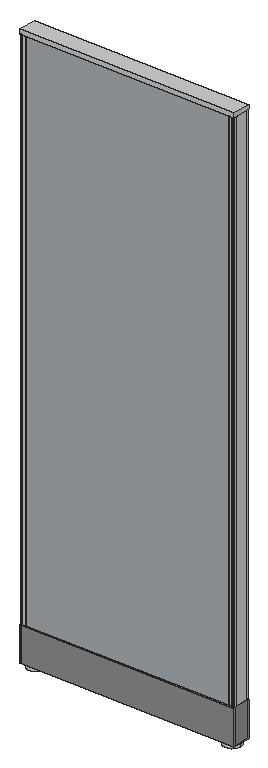
Revit family "Haworth_UniGroupToo_Panel_Solid", category Furniture Systems, Revit 2018
Family settings
  Round Connector Dimension = Use Diameter
  Part Type = Normal
  OmniClass Number = 23.40.70.14.64.21
  OmniClass Title = Systems Furniture
  Work Plane-Based = No
  Always vertical = Yes
  Cut with Voids When Loaded = No
  Shared = No
  Room Calculation Point = No
Parameters (values of type "24w 64h")
  Width = 24"
  Warranty = "http://www.haworth.com/resources/product-info/warranties"
  URL - Product = "http://www.haworth.com/products/workspaces/panel-based/unigroup-too"
  URL = "www.haworth.com"
  Trim Finish = Haworth _ Metal _ Brushed Aluminum
  Trim Depth = 2"  # constant formula
  Top Trim Height = 1/2"  # constant formula
  Top Trim [instance] = yes
  Sustainability Info = "http://www.haworth.com/company-info/sustainability"
  Size = "Verify Final Dim. w/ Haworth"  # constant formula
  Revision Number = "2"  # constant formula
  Rail Height = Actual Height - 1/2"  # 63 1/2"
  Raceway Panel Width = Actual Width  # 24"
  Raceway Panel Height = 4"  # constant formula
  Raceway Finish = Haworth _ Paint _ Graphite
  Panel Height = Actual Height - Top Trim Height - Glide Height - Raceway Panel Height  # 59 1/8"
  Offset Front = 4 3/8"  # constant formula
  Model = "Haworth - UniGroup Too - Panel - Solid"  # constant formula
  Glide Height = 3/8"  # constant formula
  Front Panel 1 Finish [instance] = Haworth _ Fabric _ Striae _ Band C1-AM
  End Cap Right [instance] = yes
  End Cap Left [instance] = yes
  Description = "Haworth - UniGroup Too - Panel - Solid"  # constant formula
  Custom Size = not(and(or(Width = 24", Width = 30", Width = 36", Width = 42", Width = 48", Width = 60"), or(Height = 32", Height = 40", Height = 48", Height = 56", Height = 64", Height = 72", Height = 80")))  # no
  Panel Depth = 1/2"  # constant formula
  Back Panel 1 Finish [instance] = Haworth _ Fabric _ Striae _ Band C1-AM
  Actual Width = if(Width < Min. Width, Min. Width, if(Width > Max. Width, Max. Width, Width))  # 24"
  Actual Height = if(Height < Min. Height, Min. Height, if(Height > Max. Height, Max. Height, Height))  # 64"
  Standard Widths = "24, 30, 36, 42, 48, 60 inches"  # constant formula
  Standard Heights = "32, 40, 48, 56, 64, 72, 80 inches"  # constant formula
  Min. Width = 24"  # constant formula
  Max. Width = 60"  # constant formula
  Min. Height = 32"  # constant formula
  Max. Height = 80"  # constant formula
  Manufacturer = "Haworth"  # constant formula
  Height = 64"
  Bottom Trim Width = 3/8"  # constant formula
  Author = "Haworth (Hampton)"  # constant formula
  Assembly Code = "E2020500"
Reference planes (in)
  plane 1 "Center F/B": y = 0
  plane 2: z = 0.375
  plane 3 "Center L/R": x = 0.09607
  plane 4 "Left": x = -11.90393
  plane 5 "Right": x = 12.09607
  plane 6 "Front": y = -1
  plane 7 "Back": y = 1
  plane 8 "Raceway Top Back": z = 4.375
  plane 9 "Top of Panel": z = 63.5
  plane 10 "Top": z = 64
  plane 11 "Raceway Inside Left": y = -0.845
  plane 12 "Raceway Inside Right": y = 0.845
  plane 13 "Raceway Fillet Top": z = 4.22
  plane 14 "Raceway Fillet Left": y = -0.845
  plane 15 "Raceway Fillet Right": y = 0.845
  plane 16 "Side Rail Left": x = -11.27893
  plane 17 "Side Rail Right": x = 11.47107
  plane 18 "End Cap Left": x = -11.84143
  plane 19 "End Cap Right": x = 12.03357
  plane 20: through (480, -0.845, 4.375) normal (0, 0.7071, -0.7071)
  plane 21: through (480, -0.845, 4.31641) normal (0, 0.7071, -0.7071)
  plane 22: through (480, 0.845, 4.375) normal (0, 0.7071, 0.7071)
  plane 23: through (480, 0.845, 4.31641) normal (0, 0.7071, 0.7071)
  plane 24: z = 4.31641
  plane 25: y = 0.94141
  plane 26: y = -0.94141
  plane 27: z = 0.43359
Forms (in)
  Extrusion 1, solid, material "Haworth _ Paint _ Graphite" <- "Raceway Finish"
    sketch origin (12.09607, 0, 0) x (0, 1, 0) y (0, 0, 1)
      loop
        line (-1, 0.375) -> (1, 0.375) -> (1, 4.22) -> (0.845, 4.375) -> (0.845, 4.31641) -> (0.94141, 4.22) -> (0.94141, 0.43359) -> (-0.94141, 0.43359) -> (-0.94141, 4.22) -> (-0.845, 4.31641) -> (-0.845, 4.375) -> (-1, 4.22) -> (-1, 0.375)
    from -24 to 0
  Extrusion 2, solid, material "Haworth _ Metal _ Brushed Aluminum" <- "Trim Finish", visible <- "Top Trim"
    sketch origin (0.09607, 0, 0) x (0, 1, 0) y (0, 0, 1)
      loop
        line (-1, 64) -> (-1, 63.5) -> (1, 63.5) -> (1, 64) -> (-1, 64)
    from -12 to 12
  Extrusion 3, solid, material "Haworth _ Paint _ Graphite" <- "Raceway Finish", visible <- "End Cap Left"
    sketch origin (0.09607, 0, 0) x (0, 1, 0) y (0, 0, 1)
      loop
        line (-0.94141, 4.22) -> (-0.94141, 0.43359) -> (0.94141, 0.43359) -> (0.94141, 4.22) -> (0.845, 4.31641) -> (-0.845, 4.31641) -> (-0.94141, 4.22)
    from -12 to -11.9375
  Extrusion 4, solid, material "Haworth _ Paint _ Graphite" <- "Raceway Finish", visible <- "End Cap Right"
    sketch origin (0.09607, 0, 0) x (0, 1, 0) y (0, 0, -1)
      loop
        line (-0.94141, -4.22) -> (-0.845, -4.31641) -> (0.845, -4.31641) -> (0.94141, -4.22) -> (0.94141, -0.43359) -> (-0.94141, -0.43359) -> (-0.94141, -4.22)
    from -12 to -11.9375
Lines and regions (in)
  Masking region 1
    outline origin (0, 0, 0) x (1, 0, 0) y (0, 1, 0)
      loop
        line (-11.90393, 1) -> (-11.90393, -1) -> (12.09607, -1) -> (12.09607, 1) -> (-11.90393, 1)
Dimensions and locks (in)
  equal spacing: plane 4 "Left", plane 3 "Center L/R", plane 5 "Right"
  "Actual Width": plane 4 "Left" to plane 5 "Right"
  "Actual Height": plane 10 "Top" to level
  equal spacing: plane 7 "Back", plane 1 "Center F/B", plane 6 "Front"
  "Trim Depth": plane 7 "Back" to plane 6 "Front"
  locked: plane 4 "Left" to nested 2 at 1
  locked: nested 1 to plane 5 "Right" at 1
  "Raceway Panel Height": plane 8 "Raceway Top Back" to plane 2
  "Glide Height": plane 2 to level
  locked: plane 16 "Side Rail Left" to plane 4 "Left" at 0.625
  locked: plane 5 "Right" to plane 17 "Side Rail Right" at 0.625
  "Top Trim Height": plane 10 "Top" to plane 9 "Top of Panel"
  locked: plane 5 "Right" to plane 19 "End Cap Right" at 0.0625
  locked: plane 18 "End Cap Left" to plane 4 "Left" at 0.0625
  locked: plane 21 to plane 20 at 0.04143
  locked: plane 22 to plane 23 at 0.04143
  aligned and locked: plane 2 to Extrusion 1 sketch curve
  aligned and locked: Extrusion 1 sketch curve to plane 7 "Back"
  aligned and locked: Extrusion 1 to plane 4 "Left"
  aligned and locked: plane 5 "Right" to Extrusion 1
  aligned and locked: plane 5 "Right" to nested 3
  aligned and locked: nested 3 to plane 1 "Center F/B"
  aligned and locked: plane 4 "Left" to nested 4
  aligned and locked: plane 1 "Center F/B" to nested 4
  aligned and locked: plane 11 "Raceway Inside Left" to Extrusion 1
  aligned and locked: plane 12 "Raceway Inside Right" to Extrusion 1
  aligned and locked: plane 6 "Front" to Extrusion 2 sketch curve
  aligned and locked: Extrusion 2 sketch curve to plane 7 "Back"
  aligned and locked: Extrusion 2 sketch curve to plane 10 "Top"
  aligned and locked: plane 9 "Top of Panel" to Extrusion 2 sketch curve
  aligned and locked: plane 5 "Right" to Extrusion 2
  aligned and locked: Extrusion 2 to plane 4 "Left"
  aligned and locked: plane 6 "Front" to nested 5
  aligned and locked: plane 3 "Center L/R" to nested 5
  aligned and locked: nested 6 to plane 7 "Back"
  aligned and locked: nested 6 to plane 3 "Center L/R"
  aligned and locked: nested 5 to plane 8 "Raceway Top Back"
  aligned and locked: plane 9 "Top of Panel" to nested 6
  aligned and locked: Extrusion 3 to plane 4 "Left"
  aligned and locked: Extrusion 3 to plane 18 "End Cap Left"
  aligned and locked: plane 5 "Right" to Extrusion 4
  aligned and locked: Extrusion 4 to plane 19 "End Cap Right"
  aligned and locked: plane 22 to Extrusion 1
  aligned and locked: Extrusion 1 to Extrusion 3
  aligned and locked: plane 25 to Extrusion 4
  aligned and locked: plane 25 to Extrusion 3
  aligned and locked: Extrusion 1 to plane 25
  aligned and locked: Extrusion 3 to plane 27
  aligned and locked: Extrusion 4 to plane 27
  aligned and locked: plane 27 to Extrusion 1
  aligned and locked: Extrusion 1 to plane 6 "Front"
  aligned and locked: Extrusion 3 to plane 26
  aligned and locked: Extrusion 4 to plane 26
  aligned and locked: plane 26 to Extrusion 1
  aligned and locked: Extrusion 1 to plane 20
  aligned and locked: Extrusion 3 to plane 21
  aligned and locked: Extrusion 4 to plane 21
  aligned and locked: plane 21 to Extrusion 1
  aligned and locked: Extrusion 1 to plane 23
  aligned and locked: plane 23 to Extrusion 4
  aligned and locked: plane 24 to Extrusion 3
  aligned and locked: plane 24 to Extrusion 4
Automatic sketch dimensions
  Masking region 1 sketch curve to plane 4 "Left" = 0"
  Masking region 1 sketch curve to plane 5 "Right" = 0"
  Masking region 1 sketch curve to plane 6 "Front" = 0"
  Masking region 1 sketch curve to plane 7 "Back" = 0"
  Extrusion 1 sketch curve to plane 6 "Front" = 0"
  Extrusion 1 sketch curve to plane 13 "Raceway Fillet Top" = 0"  (x3)
  Extrusion 1 sketch curve to plane 11 "Raceway Inside Left" = 0"
  Extrusion 1 sketch curve to plane 12 "Raceway Inside Right" = 0"
  plane 13 "Raceway Fillet Top" to Extrusion 1 sketch curve = 0"
  Extrusion 1 sketch curve to plane 8 "Raceway Top Back" = 0"  (x2)
  plane 6 "Front" to Extrusion 1 sketch curve = 15/256"
  Extrusion 1 sketch curve to plane 7 "Back" = 15/256"
  plane 2 to Extrusion 1 sketch curve = 15/256"
  Extrusion 1 sketch curve to plane 8 "Raceway Top Back" = 15/256"  (x2)
  Extrusion 3 sketch curve to plane 11 "Raceway Inside Left" = 0"
  Extrusion 3 sketch curve to plane 12 "Raceway Inside Right" = 0"
  plane 6 "Front" to Extrusion 3 sketch curve = 15/256"
  Extrusion 3 sketch curve to plane 7 "Back" = 15/256"
  plane 2 to Extrusion 3 sketch curve = 15/256"
  Extrusion 3 sketch curve to plane 8 "Raceway Top Back" = 0.155"  (x2)
  Extrusion 3 sketch curve to plane 8 "Raceway Top Back" = 15/256"
  Extrusion 4 sketch curve to plane 11 "Raceway Inside Left" = 0"
  Extrusion 4 sketch curve to plane 12 "Raceway Inside Right" = 0"
  plane 6 "Front" to Extrusion 4 sketch curve = 15/256"
  Extrusion 4 sketch curve to plane 7 "Back" = 15/256"
  Extrusion 4 sketch curve to plane 8 "Raceway Top Back" = 15/256"
  Extrusion 4 sketch curve to Extrusion 4 sketch curve = 0.09641"  (x2)
  plane 2 to Extrusion 4 sketch curve = 15/256"
Nested families (in)
  nested 1: "Haworth_UniGroup_Too-Glide-Part" at (8.22107, 0, 0), type "Glide"
  nested 2: "Haworth_UniGroup_Too-Glide-Part" at (-13.77893, 0, 0), type "Glide"
  nested 3: "Haworth_UniGroup_Too-Rail-Part" at (14.47107, 0, 0) x (-1, 0, 0) z (0, 0, 1), Actual Height <- "Rail Height", type "Rail"
    with Actual Height 63 1/2"
  nested 4: "Haworth_UniGroup_Too-Rail-Part" at (-14.27893, 0, 0), Actual Height <- "Rail Height", type "Rail"
    with Actual Height 63 1/2"
  nested 5: "Haworth_UniGroup_Too-Tile-Part" at (-1.08413, -0.71976, 4.375), Frame Width <- "Actual Width", Trim Finish <- "Trim Finish", Tile Finish <- "Front Panel 1 Finish", Tile Height <- "Panel Height", type "Tile"
    with Trim Finish Haworth _ Metal _ Brushed Aluminum, Tile Trim Strip no, Tile Height 59 1/8", Tile Finish Haworth _ Fabric _ Striae _ Band C1-AM, Frame Width 24"
  nested 6: "Haworth_UniGroup_Too-Tile-Part" at (1.27628, 0.71976, 4.375) x (-1, 0, 0) z (0, 0, 1), Frame Width <- "Actual Width", Trim Finish <- "Trim Finish", Tile Finish <- "Back Panel 1 Finish", Tile Height <- "Panel Height", type "Tile"
    with Trim Finish Haworth _ Metal _ Brushed Aluminum, Tile Trim Strip no, Tile Height 59 1/8", Tile Finish Haworth _ Fabric _ Striae _ Band C1-AM, Frame Width 24"
Definition of nested family "Haworth_UniGroup_Too-Glide-Part"
  Parameters
    Warranty = ""
    URL - Product = ""
    URL = "www.haworth.com"
    Sustainability Info = ""
    Description = ""
    Size = "Verify Final Dim. w/ Haworth"  # constant formula
    Revision Number = "1"  # constant formula
    Material Options = ""
    Manufacturer = "Haworth"  # constant formula
    LEED Data = ""
    Trim Finish = none
    Author = "Haworth (Hampton)"  # constant formula
    Assembly Code = ""
  Reference planes (in)
    plane 1 "Center F/B": y = 0
    plane 2: z = 0.375
    plane 3 "Center": x = 2.875
  Forms (in)
    Extrusion 1, solid, material <- "Trim Finish"
      sketch origin (0, 0, 0) x (1, 0, 0) y (0, 1, 0)
        loop
          circle (2.875, 0) r 0.9375
      from 0 to 0.375
  Dimensions and locks (in)
    aligned and locked: plane 2 to Extrusion 1
Definition of nested family "Haworth_UniGroup_Too-Rail-Part"
  Parameters
    Warranty = ""
    URL - Product = ""
    URL = "www.haworth.com"
    Trim Width = 5/8"  # constant formula
    Raceway Height = 4 3/8"
    Description = ""
    Size = "Verify Final Dim. w/ Haworth"  # constant formula
    Revision Number = "1"  # constant formula
    Material Options = ""
    Manufacturer = "Haworth"  # constant formula
    Trim Finish = none
    Author = "Haworth (Hampton)"  # constant formula
    Assembly Code = ""
    Actual Height [instance] = 64"
    Actual Depth = 2"  # constant formula
  Reference planes (in)
    plane 1 "Center F/B": y = 0
    plane 2: z = 0
    plane 3 "Back": y = 1
    plane 4 "Front": y = -1
    plane 5 "Right": x = 3
    plane 6 "Top": z = 64
    plane 7 "Left": x = 2.375
    plane 8 "Rail Bottom": z = 4.375
  Forms (in)
    Extrusion 1, solid, material <- "Trim Finish"
      sketch origin (-1.5, 0, 0) x (1, 0, 0) y (0, 1, 0)
        loop
          line (3.875, -0.65267) -> (3.9405, -0.65267) -> (3.9405, -0.77368) -> (3.875, -0.77368) -> (3.875, -0.9345) -> (3.9405, -1) -> (4.06492, -1) -> (4.06492, -0.64262) -> (4.18979, -0.64262) -> (4.18979, -1) -> (4.5, -1) -> (4.5, 1) -> (4.18979, 1) -> (4.18979, 0.64262) -> (4.06492, 0.64262) -> (4.06492, 1) -> (3.9405, 1) -> (3.875, 0.9345) -> (3.875, 0.77368) -> (3.9405, 0.77368) -> (3.9405, 0.65267) -> (3.875, 0.65267) -> (3.875, -0.65267)
      from 4.375 to 64
  Lines and regions (in)
    Masking region 1, detail levels medium+fine
      outline origin (0, 0, 0) x (1, 0, 0) y (0, 1, 0)
        loop
          line (2.375, 1) -> (2.375, -1) -> (3, -1) -> (3, 1) -> (2.375, 1)
  Dimensions and locks (in)
    equal spacing: plane 3 "Back", plane 1 "Center F/B", plane 4 "Front"
    "Actual Depth": plane 3 "Back" to plane 4 "Front"
    "Actual Height": plane 6 "Top" to level
    "Trim Width": plane 7 "Left" to plane 5 "Right"
    "Raceway Height": plane 8 "Rail Bottom" to plane 2
    aligned and locked: plane 4 "Front" to Extrusion 1 sketch curve
    aligned: Extrusion 1 sketch curve to plane 5 "Right"
    aligned: plane 6 "Top" to Extrusion 1  (x4)
    aligned and locked: plane 5 "Right" to Extrusion 1
    aligned and locked: Extrusion 1 sketch curve to plane 7 "Left"
    aligned: Extrusion 1 to plane 2
    aligned and locked: plane 6 "Top" to Extrusion 1
    aligned and locked: level to plane 2
    aligned and locked: Extrusion 1 to plane 8 "Rail Bottom"
    aligned and locked: Masking region 1 sketch curve to plane 5 "Right"
    aligned and locked: Masking region 1 sketch curve to plane 3 "Back"
    aligned and locked: Masking region 1 sketch curve to plane 7 "Left"
    aligned and locked: plane 4 "Front" to Masking region 1 sketch curve
  Automatic sketch dimensions
    Extrusion 1 sketch curve to plane 7 "Left" = 0"  (x2)
    Extrusion 1 sketch curve to plane 3 "Back" = 0"  (x2)
    Extrusion 1 sketch curve to plane 4 "Front" = 0"
    Extrusion 1 sketch curve to plane 7 "Left" = 0.0655"  (x4)
    Extrusion 1 sketch curve to Extrusion 1 sketch curve = 0.12441"  (x2)
    Extrusion 1 sketch curve to Extrusion 1 sketch curve = 0.12488"  (x2)
    Extrusion 1 sketch curve to Extrusion 1 sketch curve = 0.16082"
    Extrusion 1 sketch curve to Extrusion 1 sketch curve = 0.12101"  (x2)
    Extrusion 1 sketch curve to Extrusion 1 sketch curve = 0.01005"  (x2)
    Extrusion 1 sketch curve to plane 3 "Back" = 0.35738"
    Extrusion 1 sketch curve to plane 3 "Back" = 0.0655"
    plane 4 "Front" to Extrusion 1 sketch curve = 0.0655"
Definition of nested family "Haworth_UniGroup_Too-Tile-Part"
  Parameters
    URL = "www.haworth.com"
    Trim Offset = 5/8"  # constant formula
    Trim Finish [instance] = none
    Tile Trim Strip [instance] = yes
    Revision Number = "1"  # constant formula
    Revision Date = ""
    Frame Width [instance] = 24"
    Tile Depth = 1/2"
    Tile Finish [instance] = none
    Model = "Haworth_UniGroup_Too-Tile-Part"  # constant formula
    Manufacturer = "Haworth"  # constant formula
    Author = "Haworth (Hampton)"  # constant formula
    Assembly Code = ""
    Tile Height [instance] = 16"
  Reference planes (in)
    plane 1 "Center F/B": y = -0.03024
    plane 2 "Bottom": z = 0
    plane 3 "Center L/R": x = 1.1802
    plane 4 "Left": x = -10.8198
    plane 5 "Right": x = 13.1802
    plane 6 "Back": y = 0.21976
    plane 7 "Front": y = -0.28024
    plane 8 "Top": z = 16
    plane 9 "Panel Left": x = -10.1948
    plane 10 "Panel Right": x = 12.5552
    plane 11 "Trim Strip Front": y = -0.32024
  Forms (in)
    Extrusion 1, solid, material <- "Tile Finish"
      sketch origin (0, -0.03024, 0) x (1, 0, 0) y (0, 0, 1)
        loop
          line (-10.1948, 16) -> (-10.1948, 0) -> (12.5552, 0) -> (12.5552, 16) -> (-10.1948, 16)
      from -0.25 to 0.25
    Extrusion 2, solid, material <- "Trim Finish", visible <- "Tile Trim Strip"
      sketch origin (1.1802, 0, 0.27) x (0, 1, 0) y (0, 0, 1)
        loop
          line (-0.32024, -0.23) -> (-0.28024, -0.27) -> (-0.28024, 0) -> (-0.32024, -0.04) -> (-0.32024, -0.23)
      from -11.375 to 11.375
  Lines and regions (in)
    symbolic lines, detail levels fine
      curve 1: line (-10.1948, 0.21976, 0) -> (12.5552, 0.21976, 0)
  Dimensions and locks (in)
    equal spacing: plane 6 "Back", plane 1 "Center F/B", plane 7 "Front"
    "Tile Depth": plane 6 "Back" to plane 7 "Front"
    equal spacing: plane 4 "Left", plane 3 "Center L/R", plane 5 "Right"
    "Frame Width": plane 4 "Left" to plane 5 "Right"
    "Tile Height": plane 8 "Top" to plane 2 "Bottom"
    "Trim Offset": plane 4 "Left" to plane 9 "Panel Left"
    "Trim Offset": plane 10 "Panel Right" to plane 5 "Right"
    locked: plane 7 "Front" to plane 11 "Trim Strip Front" at 0.04
    aligned and locked: plane 9 "Panel Left" to Extrusion 1 sketch curve
    aligned and locked: plane 10 "Panel Right" to Extrusion 1 sketch curve
    aligned and locked: plane 8 "Top" to Extrusion 1
    aligned and locked: Extrusion 2 sketch curve to plane 7 "Front"
    aligned and locked: plane 11 "Trim Strip Front" to Extrusion 2 sketch curve
    aligned and locked: Extrusion 2 to Extrusion 1
    aligned and locked: Extrusion 1 to Extrusion 2
  Automatic sketch dimensions
    Extrusion 1 sketch curve to level = 0"
    Extrusion 1 sketch curve to plane 8 "Top" = 0"
    curve 1 to plane 6 "Back" = 0"
    curve 1 to plane 9 "Panel Left" = 0"
    curve 1 to plane 10 "Panel Right" = 0"
    Extrusion 2 sketch curve to level = 0"
    level to Extrusion 2 sketch curve = 0.04"
    Extrusion 2 sketch curve to Extrusion 2 sketch curve = 0.19"
    Extrusion 2 sketch curve to Extrusion 2 sketch curve = 0.04"
Types in the file's own list only (41): name | Width | Rail Height | Raceway Panel Width | Panel Height | Actual Width | Actual Height | Height
  24w 32h | 24" | 31 1/2" | 24" | 27 1/8" | 24" | 32" | 32"
  30w 32h | 30" | 31 1/2" | 30" | 27 1/8" | 30" | 32" | 32"
  36w 32h | 36" | 31 1/2" | 36" | 27 1/8" | 36" | 32" | 32"
  42w 32h | 42" | 31 1/2" | 42" | 27 1/8" | 42" | 32" | 32"
  48w 32h | 48" | 31 1/2" | 48" | 27 1/8" | 48" | 32" | 32"
  60w 32h | 60" | 31 1/2" | 60" | 27 1/8" | 60" | 32" | 32"
  24w 40h | 24" | 39 1/2" | 24" | 35 1/8" | 24" | 40" | 40"
  30w 40h | 30" | 39 1/2" | 30" | 35 1/8" | 30" | 40" | 40"
  36w 40h | 36" | 39 1/2" | 36" | 35 1/8" | 36" | 40" | 40"
  42w 40h | 42" | 39 1/2" | 42" | 35 1/8" | 42" | 40" | 40"
  48w 40h | 48" | 39 1/2" | 48" | 35 1/8" | 48" | 40" | 40"
  60w 40h | 60" | 39 1/2" | 60" | 35 1/8" | 60" | 40" | 40"
  24w 48h | 24" | 47 1/2" | 24" | 43 1/8" | 24" | 48" | 48"
  30w 48h | 30" | 47 1/2" | 30" | 43 1/8" | 30" | 48" | 48"
  36w 48h | 36" | 47 1/2" | 36" | 43 1/8" | 36" | 48" | 48"
  42w 48h | 42" | 47 1/2" | 42" | 43 1/8" | 42" | 48" | 48"
  48w 48h | 48" | 47 1/2" | 48" | 43 1/8" | 48" | 48" | 48"
  60w 48h | 60" | 47 1/2" | 60" | 43 1/8" | 60" | 48" | 48"
  24w 56h | 24" | 55 1/2" | 24" | 51 1/8" | 24" | 56" | 56"
  30w 56h | 30" | 55 1/2" | 30" | 51 1/8" | 30" | 56" | 56"
  36w 56h | 36" | 55 1/2" | 36" | 51 1/8" | 36" | 56" | 56"
  42w 56h | 42" | 55 1/2" | 42" | 51 1/8" | 42" | 56" | 56"
  48w 56h | 48" | 55 1/2" | 48" | 51 1/8" | 48" | 56" | 56"
  60w 56h | 60" | 55 1/2" | 60" | 51 1/8" | 60" | 56" | 56"
  30w 64h | 30" | 63 1/2" | 30" | 59 1/8" | 30" | 64" | 64"
  36w 64h | 36" | 63 1/2" | 36" | 59 1/8" | 36" | 64" | 64"
  42w 64h | 42" | 63 1/2" | 42" | 59 1/8" | 42" | 64" | 64"
  48w 64h | 48" | 63 1/2" | 48" | 59 1/8" | 48" | 64" | 64"
  60w 64h | 60" | 63 1/2" | 60" | 59 1/8" | 60" | 64" | 64"
  24w 72h | 24" | 71 1/2" | 24" | 67 1/8" | 24" | 72" | 72"
  30w 72h | 30" | 71 1/2" | 30" | 67 1/8" | 30" | 72" | 72"
  36w 72h | 36" | 71 1/2" | 36" | 67 1/8" | 36" | 72" | 72"
  42w 72h | 42" | 71 1/2" | 42" | 67 1/8" | 42" | 72" | 72"
  48w 72h | 48" | 71 1/2" | 48" | 67 1/8" | 48" | 72" | 72"
  60w 72h | 60" | 71 1/2" | 60" | 67 1/8" | 60" | 72" | 72"
  24w 80h | 24" | 79 1/2" | 24" | 75 1/8" | 24" | 80" | 80"
  30w 80h | 30" | 79 1/2" | 30" | 75 1/8" | 30" | 80" | 80"
  36w 80h | 36" | 79 1/2" | 36" | 75 1/8" | 36" | 80" | 80"
  42w 80h | 42" | 79 1/2" | 42" | 75 1/8" | 42" | 80" | 80"
  48w 80h | 48" | 79 1/2" | 48" | 75 1/8" | 48" | 80" | 80"
  60w 80h | 60" | 79 1/2" | 60" | 75 1/8" | 60" | 80" | 80"
